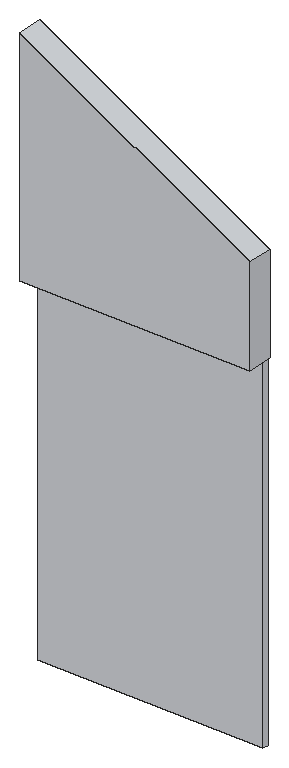
Revit family "EXP_WT-2_CPan-011", category Curtain Panels, Revit 2021
Family settings
  OmniClass Number = 23.25.20.14.11.11.17
  OmniClass Title = Infill Panels
  Always vertical = Yes
  Cut with Voids When Loaded = No
  Shared = No
Parameters
  UI-UnitNumber [instance] = "001"
  UI-Quadrant [instance] = "SE"
  UI-ProjectAbbreviation = "NEU"
  UI-ItemCategory = "PID"
  UI-FloorNumber [instance] = "03"
  PNT-WallType = "WT2"
  PNT-ProjectAbbreviation = "NEU"
  PNT-PanelType [instance] = "01"
  PNT-ItemCategory = "PNL"
  HModSX [instance] = 3' - 3"
  HModDX [instance] = 7' - 5"
  GlassSPH2(x2) [instance] = 0' - 2 3/16"
  GlassH2 [instance] = none
  GlassH1 [instance] = none
  DistanceAxis = 1' - 6"
  Define Thermal Properties by = Schematic Type
  CellSxH1 [instance] = HModSX  # 3' - 3"
  CellSxH [instance] = CellSxH1 + CellH2  # 15' - 0"
  CellSp = 0' - 10 3/16"
  CellL [instance] = 7' - 8"
  CellH2 [instance] = 11' - 9"
  CellH [instance] = 11' - 9"
  CellDxH1 [instance] = HModDX  # 7' - 5"
  CellDxH [instance] = CellDxH1 + CellH2  # 19' - 2"
  CellAngle [instance] = 45.00°
  AncleTrapezoid [instance] = 118.523°
  Analytic Construction = "<None>"
Reference planes (in)
  plane 1 "Center (Front/Back)": y = 0
  plane 2: z = 0
  plane 3 "Center (Left/Right)": x = 0
  plane 4 "Left": x = -46
  plane 5 "Right": x = 46
  plane 6 "Top": z = 141
  plane 7: y = -10.1875
  plane 8: z = 180
  plane 9: z = 230
Forms (in)
  Extrusion 1, solid, material <- "GlassH2", detail levels coarse+medium
    sketch origin (0, 0, 0) x (1, 0, 0) y (0, 0, 1)
      loop
        line (46, 141) -> (-46, 141) -> (-46, 0) -> (46, 0) -> (46, 141)
    from 0 to 10.1875
  Extrusion 2, solid, material <- "GlassH1"
    sketch origin (0, 0, 0) x (1, 0, 0) y (0, 0, 1)
      loop
        line (46, 180) -> (-46, 230) -> (-46, 141) -> (46, 141) -> (46, 180)
    from 0 to 10.1875
Lines and regions (in)
  reference lines
    curve 1: line (46, 0, 180) -> (-46, 0, 230)
Text (in)
  text "Exterior" at (-92.59733, 55.75508, 0), in view "Ref. Level"
  text "Exterior" at (0, 90.18664, 173.49264), in view "Left"
  text "Exterior" at (0, 52.29083, 162.21847), in view "Right"
Dimensions and locks (in)
  equal spacing: plane 4 "Left", plane 3 "Center (Left/Right)", plane 5 "Right"  (x2)
  "CellL": plane 4 "Left" to plane 5 "Right"
  "CellSp": plane 7 to plane 1 "Center (Front/Back)"
  "CellH": plane 2 to plane 6 "Top"
  "CellH2": plane 2 to plane 6 "Top"
  "HModSX": plane 6 "Top" to plane 8
  "HModDX": plane 6 "Top" to plane 9
  "AncleTrapezoid": angle plane 5 "Right" to curve 1
  aligned and locked: level to plane 2
  aligned and locked: plane 5 "Right" to Extrusion 1 sketch curve
  aligned and locked: plane 2 to Extrusion 1 sketch curve
  aligned and locked: plane 4 "Left" to Extrusion 1 sketch curve
  aligned and locked: plane 6 "Top" to Extrusion 1 sketch curve
  aligned and locked: Extrusion 1 to plane 7
  aligned and locked: plane 5 "Right" to Extrusion 2 sketch curve
  aligned and locked: plane 6 "Top" to Extrusion 2 sketch curve
  aligned and locked: Extrusion 2 sketch curve to plane 4 "Left"
  aligned and locked: Extrusion 2 to plane 7
  aligned and locked: plane 4 "Left" to nested 1
  aligned and locked: plane 5 "Right" to nested 1
  aligned and locked: plane 1 "Center (Front/Back)" to nested 1
  aligned and locked: nested 1 to plane 6 "Top"
  aligned and locked: plane 2 to nested 1
Automatic sketch dimensions
  Extrusion 2 sketch curve to plane 8 = 0' - 0"
  Extrusion 2 sketch curve to plane 9 = 0' - 0"
  curve 1 to plane 4 "Left" = 0' - 0"
  curve 1 to plane 8 = 0' - 0"
Nested families (in)
  nested 1: "EXP_WT-1x_IG-001" at (0, 0, 70.5), GlassSP <- "GlassSPH2(x2)", MaterialGlass <- "GlassH2", type "GlassSP = H2(x2)"
    with MaterialGlass none, GlassSP 0' - 2 3/16", GlassL 7' - 6.12598", GlassH 11' - 7.06299", CellL 7' - 8", CellH 11' - 9"
Definition of nested family "EXP_WT-1x_IG-001"
  Parameters (values of type "H2 _ GlassSP = 1 1/4"")
    MaterialGlass [instance] = none
    GlassSP [instance] = 0' - 1 1/4"
    GlassL [instance] = CellL - (GlassD1 + GlassD3)  # 3' - 10.94439"
    GlassH [instance] = CellH - (GlassD2 + GlassD4)  # 6' - 6.64788"
    GlassD4 = 0' - 1.43701"
    GlassD3 = 0' - 0.93701"
    GlassD2 = 0' - 0 1/2"
    GlassD1 = 0' - 0 15/16"
    GMPI-ProjectAbbreviation = "NEU"
    GMPI-IteamCategory = "GLS"
    Default Elevation = 0' - 0"
    CellL [instance] = 4' - 0.8189"
    CellH [instance] = 6' - 8.58489"
  Types (12): name | GlassSP | GlassL | GlassH | GlassD4 | GlassD2 | GlassD1
    H2(x2) _ GlassSP = 2 1/8" | 0' - 2.12598" | 3' - 10.94488" | 6' - 6.64788" | 0' - 1.43701" | 0' - 0 1/2" | 0' - 0.93701"
    H1 _ GlassSP = 1 1/4" | 0' - 1 1/4" | 3' - 10.94439" | 6' - 6.89739" | 0' - 0 1/4" | 0' - 1 7/16" | 0' - 0 15/16"
    H2(x3) _ GlassSP = 2 1/8" | 0' - 2.12598" | 3' - 10.94488" | 6' - 7.83489" | 0' - 0 1/4" | 0' - 0 1/2" | 0' - 0.93701"
    H3 _ GlassSP = 1 1/4" | 0' - 1 1/4" | 3' - 10.94439" | 6' - 6.64788" | 0' - 1.43701" | 0' - 0 1/2" | 0' - 0 15/16"
    H _ GlassSP = 2 1/8" | 0' - 2.12598" | 3' - 10.94488" | 6' - 5.71088" | 0' - 1.43701" | 0' - 1.43701" | 0' - 0.93701"
    H _ GlassSP = 1 1/4" | 0' - 1 1/4" | 3' - 10.94439" | 6' - 5.71088" | 0' - 1.43701" | 0' - 1.43701" | 0' - 0 15/16"
    H2 _ GlassSP = 1 1/4" | 0' - 1 1/4" | 3' - 10.94439" | 6' - 6.64788" | 0' - 1.43701" | 0' - 0 1/2" | 0' - 0 15/16"
    GlassSP = H | 0' - 1 1/4" | 3' - 10.94439" | 6' - 5.71088" | 0' - 1.43701" | 0' - 1.43701" | 0' - 0 15/16"
    GlassSP = H3 | 0' - 1 1/4" | 3' - 10.94439" | 6' - 6.64788" | 0' - 1.43701" | 0' - 0 1/2" | 0' - 0 15/16"
    GlassSP = H2(x3) | 0' - 2.12598" | 3' - 10.94488" | 6' - 7.83489" | 0' - 0 1/4" | 0' - 0 1/2" | 0' - 0.93701"
    GlassSP = H2(x2) | 0' - 2.12598" | 3' - 10.94488" | 6' - 6.64788" | 0' - 1.43701" | 0' - 0 1/2" | 0' - 0.93701"
    GlassSP = H1 | 0' - 1 1/4" | 3' - 10.94439" | 6' - 6.89739" | 0' - 0 1/4" | 0' - 1 7/16" | 0' - 0 15/16"
  Reference planes (in)
    plane 1 "Center (Front/Back)": y = 0
    plane 2: z = 0
    plane 3 "Center (Left/Right)": x = 0
    plane 4: x = -24.40945
    plane 5: x = 24.40945
    plane 6: z = 40.29245
    plane 7: x = -23.47195
    plane 8: x = 23.47244
    plane 9: z = -40.29245
    plane 10: z = 39.79245
    plane 11: z = -38.85544
  Forms (in)
    Extrusion 1, solid, material <- "MaterialGlass"
      sketch origin (0, 0, 0) x (1, 0, 0) y (0, 0, 1)
        loop
          line (-23.47195, -38.85544) -> (23.47244, -38.85544) -> (23.47244, 39.79245) -> (-23.47195, 39.79245) -> (-23.47195, -38.85544)
      from 0 to 1.25 <- "GlassSP"
  Dimensions and locks (in)
    equal spacing: plane 6, level, plane 9
    "CellH": plane 6 to plane 9
    "GlassD2": plane 6 to plane 10
    "GlassD4": plane 11 to plane 9
    equal spacing: plane 4, plane 3 "Center (Left/Right)", plane 5
    "CellL": plane 4 to plane 5
    "GlassD1": plane 4 to plane 7
    "GlassD3": plane 5 to plane 8
    aligned and locked: level to plane 2
    aligned and locked: Extrusion 1 sketch curve to plane 11
    aligned and locked: Extrusion 1 sketch curve to plane 7
    aligned and locked: plane 10 to Extrusion 1 sketch curve
    aligned and locked: plane 8 to Extrusion 1 sketch curve
